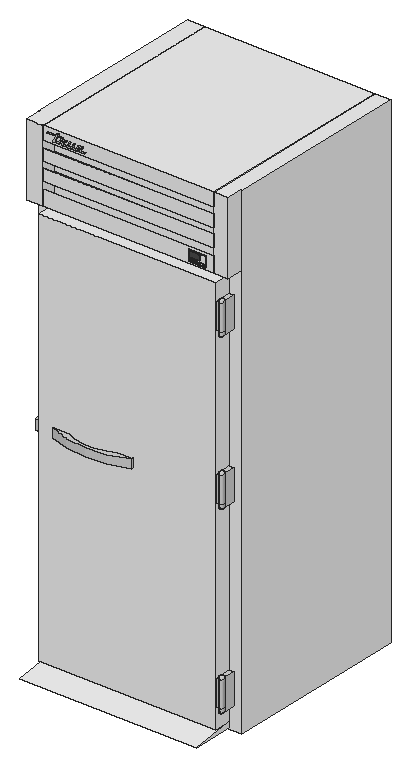
Revit family
Parameters
  Weight in Pounds = 0
  Watts = Volts * FL Amps  # 1380 W
  Volts = 115 V
  URL Cutsheet = "www.truemfg.com"
  URL = "www.truemfg.com"
  Type Mark [instance] = ""
  Type Comments = ""
  Status [instance] = ""
  Specification by User [instance] = ""
  Specification by Manufacturer = ""
  Show Logo [instance] = yes
  Show Clearance [instance] = yes
  Serial Number = ""
  Seismic Rating = ""
  SMACNA No = ""
  Revision Code [instance] = ""
  Phase = 1
  Omniclass Number and Title = ""
  Number of Poles [instance] = 1
  NAFEM Spec ID Number = ""
  Model = "STG1FRI-1S"
  Min Ckt Ampacity = 0 A
  Max Overcurrent Protection = 0 A
  Masterspec = ""
  Manufacturer = "TRUE FOOD SERVICE EQUIPMENT, INC."
  Length = 35"
  Item Number [instance] = ""
  Installed By [instance] = ""
  Identify Quantity as Lot [instance] = yes
  Height = 83 3/4"
  HP = "3/4"
  Furnished By [instance] = ""
  Foodservice Equipment Identifier [instance] = yes
  FL Amps = 12 A
  Electrical Remarks [instance] = ""
  Electric Connection Type [instance] = ""
  Elec Conn RI Height [instance] = 0"
  Elec Conn Connection Height [instance] = 0"
  Description = "Reach-in Solid Swing Door Freezer"
  Depth = 34 3/4"
  Cycle = 60 Hz
  Conn Plug = "5-15P"
  Conn Conduit = yes
  CSI MasterFormat = ""
  CSI Master Format = ""
  Apparent Power = if(Phase = 3, Volts * FL Amps * 1.73, Volts * FL Amps)  # 1380 VA
Reference planes (in)
  plane 1 "BACK": y = 0
  plane 2: z = 0
  plane 3 "LEFT": x = 0
  plane 4 "RIGHT": x = 35
  plane 5 "FRONT": y = -34.75
  plane 6 "TOP": z = 83.75
  plane 7: x = 2.84375
  plane 8: y = -34.7042
  plane 9: x = 32.15625
  plane 10: z = 69.90625
Forms (in)
  Extrusion 1, solid, material "QF_Finishes_Chrome - Satin"
    sketch origin (0.05, 0, 0) x (1, 0, 0) y (0, 1, 0)
      loop
        line (-0.05, 0) -> (-0.05, -32) -> (2.87859, -32) -> (2.87859, 0) -> (-0.05, 0)
    from 0 to 83.75
  Extrusion 2, solid, material "QF_Finishes_Chrome - Satin"
    sketch origin (50.15, 0, 0) x (1, 0, 0) y (0, 1, 0)
      loop
        line (-17.85, 0) -> (-17.85, -32) -> (-15.15, -32) -> (-15.15, 0) -> (-17.85, 0)
    from 0 to 83.75
  Extrusion 3, solid, material "QF_Finishes_Chrome - Satin"
    sketch origin (0, 0, 0) x (0, 1, 0) y (0, 0, 1)
      loop
        line (-34.7042, 71.28125) -> (-32, 71.28125) -> (-32, 0) -> (0, 0) -> (0, 83.75) -> (-34.7042, 83.75) -> (-34.7042, 81.46828) -> (-32.5, 79.90102) -> (-32.5, 78.77875) -> (-34.7042, 80.34601) -> (-34.7042, 78.2123) -> (-32.5, 76.64504) -> (-32.5, 75.68428) -> (-34.7042, 77.25154) -> (-34.7042, 75.15534) -> (-32.5, 73.58807) -> (-32.5, 72.3125) -> (-34.7042, 73.87976) -> (-34.7042, 71.28125)
    from 2.92859 to 32.3
  Extrusion 4, solid, material "QF_Finishes_Chrome - Satin"
    sketch origin (0, 0, 0) x (1, 0, 0) y (0, 1, 0)
      loop
        line (34.84782, -32) -> (32.3, -32) -> (32.3, -34.75) -> (34.84782, -34.75) -> (34.84782, -32)
    from 71.28125 to 83.75
  Extrusion 5, solid, material "QF_Finishes_Chrome - Satin"
    sketch origin (-50.125, 0, 0.25) x (1, 0, 0) y (0, 1, 0)
      loop
        line (53.05359, -32) -> (50.24109, -32) -> (50.24109, -34.75) -> (53.05359, -34.75) -> (53.05359, -32)
    from 71.03125 to 83.5
  Extrusion 6, solid, material "QF_Finishes_Chrome - Satin"
    sketch origin (-24.96875, -1, -0.71875) x (1, 0, 0) y (0, 0, 1)
      loop
        line (27.25, 1.71875) -> (57.65625, 1.71875) -> (57.65625, 70.625) -> (27.25, 70.625) -> (27.25, 1.71875)
    from 31 to 33.75
  Extrusion 7, solid, material "QF_Finishes_Handrails and Railings"
    sketch origin (58.625, -0.25, 25.43519) x (1, 0, 0) y (0, 1, 0)
      loop
        line (-53.875, -34.5) -> (-53.875, -34.7)
        arc (-53.875, -34.7) -> (-47.075, -36.14405) -> (-40.275, -34.7) r 16.7325
        line (-40.275, -34.7) -> (-40.275, -34.5) -> (-42.675, -34.5)
        arc (-42.675, -34.5) -> (-47.075, -35.65816) -> (-51.475, -34.5) r 8.93715
        line (-51.475, -34.5) -> (-53.875, -34.5)
    from 10.87731 to 12.37731
  Extrusion 8, solid, material "QF_Finishes_Handrails and Railings"
    sketch origin (-23.375, 0, -3) x (1, 0, 0) y (0, 0, 1)
      loop
        circle (26.4375, 40.0625) r 0.35
      loop
        line (26.47265, 40.33635) -> (26.41715, 40.33635) -> (26.41715, 39.76895) -> (26.47265, 39.76895) -> (26.47265, 40.33635)
    from 33.5 to 33.83066
  Extrusion 9, solid, material "QF_Finishes_Handrails and Railings", visible <- "Show Logo"
    sketch origin (0.33478, 0.06376, 5.01857) x (1, 0, 0) y (0, 0, 1)
      loop
        line (3.46044, 78.08731) -> (3.35478, 77.86073) -> (4.76027, 77.86073)
        arc (4.76027, 77.86073) -> (4.78879, 77.81028) -> (4.76027, 77.75984) r 0.05887
        line (4.76027, 77.75984) -> (4.39369, 76.97372)
        arc (4.39369, 76.97372) -> (4.39051, 76.90091) -> (4.43975, 76.84717) r 0.09523
        line (4.43975, 76.84717) -> (5.33844, 76.84717)
        arc (5.33844, 76.84717) -> (5.45192, 76.88295) -> (5.52436, 76.97735) r 0.19785
        line (5.52436, 76.97735) -> (5.81285, 77.59601) -> (6.0779, 77.59601)
        arc (6.0779, 77.59601) -> (6.14744, 77.57043) -> (6.13737, 77.49703) r 0.05911
        line (6.13737, 77.49703) -> (5.89598, 76.97937)
        arc (5.89598, 76.97937) -> (5.89974, 76.8934) -> (5.97231, 76.84717) r 0.09318
        line (5.97231, 76.84717) -> (6.76198, 76.84717)
        arc (6.76198, 76.84717) -> (6.82249, 76.86919) -> (6.85468, 76.92495) r 0.09412
        arc (6.85468, 76.92495) -> (6.87746, 76.86995) -> (6.93246, 76.84717) r 0.07778
        line (6.93246, 76.84717) -> (7.43246, 76.84717)
        arc (7.43246, 76.84717) -> (7.49022, 76.86265) -> (7.53251, 76.90493) r 0.11552
        arc (7.53251, 76.90493) -> (7.55275, 76.85606) -> (7.60162, 76.83581) r 0.06912
        line (7.60162, 76.83581) -> (8.31225, 76.83581)
        arc (8.31225, 76.83581) -> (8.37034, 76.85988) -> (8.39441, 76.91797) r 0.08216
        arc (8.39441, 76.91797) -> (8.44767, 76.86472) -> (8.52042, 76.84522) r 0.14551
        line (8.52042, 76.84522) -> (9.85158, 76.84522) -> (9.99946, 77.10134) -> (8.65678, 77.10134)
        arc (8.65678, 77.10134) -> (8.61972, 77.12704) -> (8.61834, 77.17211) r 0.05009
        line (8.61834, 77.17211) -> (8.64157, 77.22192)
        arc (8.64157, 77.22192) -> (8.67723, 77.26864) -> (8.73327, 77.28635) r 0.09747
        line (8.73327, 77.28635) -> (9.16485, 77.28635)
        arc (9.16485, 77.28635) -> (9.258, 77.31131) -> (9.32619, 77.3795) r 0.1863
        line (9.32619, 77.3795) -> (9.45119, 77.59601)
        arc (9.45119, 77.59601) -> (9.45119, 77.71157) -> (9.35111, 77.76934) r 0.11556
        line (9.35111, 77.76934) -> (8.89562, 77.76934)
        arc (8.89562, 77.76934) -> (8.7795, 77.74962) -> (8.69849, 77.66412) r 0.18605
        line (8.69849, 77.66412) -> (8.48204, 77.19993)
        arc (8.48204, 77.19993) -> (8.41815, 77.11667) -> (8.31806, 77.08511) r 0.1745
        line (8.31806, 77.08511) -> (7.84559, 77.08511)
        arc (7.84559, 77.08511) -> (7.78903, 77.14684) -> (7.79268, 77.23048) r 0.10939
        line (7.79268, 77.23048) -> (8.04395, 77.76934) -> (7.88403, 77.76934) -> (7.61781, 77.19844)
        arc (7.61781, 77.19844) -> (7.56609, 77.13103) -> (7.48505, 77.10548) r 0.14128
        line (7.48505, 77.10548) -> (7.15925, 77.10548)
        arc (7.15925, 77.10548) -> (7.10419, 77.17723) -> (7.116, 77.26689) r 0.11816
        line (7.116, 77.26689) -> (7.3503, 77.76934) -> (7.18514, 77.76934) -> (6.91546, 77.191)
        arc (6.91546, 77.191) -> (6.85285, 77.12839) -> (6.76733, 77.10548) r 0.17104
        line (6.76733, 77.10548) -> (6.29555, 77.10548)
        arc (6.29555, 77.10548) -> (6.21082, 77.14499) -> (6.20267, 77.23813) r 0.0935
        line (6.20267, 77.23813) -> (6.35774, 77.57069) -> (6.57695, 77.57069)
        arc (6.57695, 77.57069) -> (6.61395, 77.68217) -> (6.69267, 77.76934) r 0.2857
        line (6.69267, 77.76934) -> (5.83605, 77.76934)
        arc (5.83605, 77.76934) -> (5.74086, 77.74824) -> (5.67498, 77.67635) r 0.16212
        line (5.67498, 77.67635) -> (5.44279, 77.17841)
        arc (5.44279, 77.17841) -> (5.3894, 77.12502) -> (5.31647, 77.10548) r 0.14586
        line (5.31647, 77.10548) -> (4.80506, 77.10548)
        arc (4.80506, 77.10548) -> (4.76514, 77.15942) -> (4.77274, 77.22609) r 0.09155
        line (4.77274, 77.22609) -> (5.11018, 77.86073) -> (5.96155, 77.86073) -> (6.06721, 78.08731) -> (5.21584, 78.08731) -> (5.32149, 78.31388) -> (5.01862, 78.31388) -> (4.91297, 78.08731) -> (3.46044, 78.08731)
      loop
        arc (8.83805, 77.56363) -> (8.80119, 77.55375) -> (8.7742, 77.52676) r 0.07373
        line (8.7742, 77.52676) -> (8.75229, 77.45936)
        arc (8.75229, 77.45936) -> (8.76245, 77.43483) -> (8.78699, 77.42466) r 0.0347
        line (8.78699, 77.42466) -> (9.15948, 77.42466)
        arc (9.15948, 77.42466) -> (9.18632, 77.43061) -> (9.20812, 77.44734) r 0.0635
        line (9.20812, 77.44734) -> (9.22624, 77.53122)
        arc (9.22624, 77.53122) -> (9.22091, 77.55368) -> (9.20009, 77.56363) r 0.02676
        line (9.20009, 77.56363) -> (8.83805, 77.56363)
    from 34.76797 to 34.83173
  Extrusion 10, solid, material "QF_Finishes_White"
    sketch origin (-22.74812, 0.0458, -7.91247) x (1, 0, 0) y (0, 0, 1)
      loop
        line (50.81732, 81.35727) -> (50.81732, 79.60996) -> (53.72357, 79.60996) -> (53.72357, 81.35727) -> (50.81732, 81.35727)
    from 34.75 to 34.76797
  Extrusion 11, solid, material "QF_Finishes_Black"
    sketch origin (-22.74812, 0.0458, -7.91247) x (1, 0, 0) y (0, 0, 1)
      loop
        line (53.78607, 81.41977) -> (50.75482, 81.41977) -> (50.75482, 79.54746) -> (53.78607, 79.54746) -> (53.78607, 81.41977)
      loop
        spline (50.95482, 79.87872) -> (50.96333, 79.86254) -> (50.98831, 79.84747) -> (51.02804, 79.83452) -> (51.07982, 79.82459) -> (51.14011, 79.81835) -> (51.20482, 79.81622) -> (51.26952, 79.81835) -> (51.32982, 79.82459) -> (51.38159, 79.83452) -> (51.42132, 79.84747) -> (51.4463, 79.86254) -> (51.45482, 79.87872)
        spline (51.45482, 79.87872) -> (51.4463, 79.89489) -> (51.42132, 79.90997) -> (51.38159, 79.92291) -> (51.32982, 79.93284) -> (51.26952, 79.93909) -> (51.20482, 79.94122) -> (51.14011, 79.93909) -> (51.07982, 79.93284) -> (51.02804, 79.92291) -> (50.98831, 79.90997) -> (50.96333, 79.89489) -> (50.95482, 79.87872)
      loop
        spline (51.65083, 79.87872) -> (51.65935, 79.86254) -> (51.68432, 79.84747) -> (51.72405, 79.83452) -> (51.77583, 79.82459) -> (51.83612, 79.81835) -> (51.90083, 79.81622) -> (51.96553, 79.81835) -> (52.02583, 79.82459) -> (52.07761, 79.83452) -> (52.11734, 79.84747) -> (52.14231, 79.86254) -> (52.15083, 79.87872)
        spline (52.15083, 79.87872) -> (52.14231, 79.89489) -> (52.11734, 79.90997) -> (52.07761, 79.92291) -> (52.02583, 79.93284) -> (51.96553, 79.93909) -> (51.90083, 79.94122) -> (51.83612, 79.93909) -> (51.77583, 79.93284) -> (51.72405, 79.92291) -> (51.68432, 79.90997) -> (51.65935, 79.89489) -> (51.65083, 79.87872)
      loop
        spline (52.40083, 79.87872) -> (52.40935, 79.86254) -> (52.43432, 79.84747) -> (52.47405, 79.83452) -> (52.52583, 79.82459) -> (52.58612, 79.81835) -> (52.65083, 79.81622) -> (52.71553, 79.81835) -> (52.77583, 79.82459) -> (52.82761, 79.83452) -> (52.86734, 79.84747) -> (52.89231, 79.86254) -> (52.90083, 79.87872)
        spline (52.90083, 79.87872) -> (52.89231, 79.89489) -> (52.86734, 79.90997) -> (52.82761, 79.92291) -> (52.77583, 79.93284) -> (52.71553, 79.93909) -> (52.65083, 79.94122) -> (52.58612, 79.93909) -> (52.52583, 79.93284) -> (52.47405, 79.92291) -> (52.43432, 79.90997) -> (52.40935, 79.89489) -> (52.40083, 79.87872)
      loop
        line (50.95481, 81.21978) -> (50.95481, 80.21978) -> (52.65433, 80.21978) -> (52.65433, 81.21978) -> (50.95481, 81.21978)
      loop
        line (53.72357, 81.35727) -> (50.81732, 81.35727) -> (50.81732, 79.60996) -> (53.72357, 79.60996) -> (53.72357, 81.35727)
      loop
        spline (53.15083, 79.87872) -> (53.15935, 79.86254) -> (53.18432, 79.84747) -> (53.22405, 79.83452) -> (53.27583, 79.82459) -> (53.33612, 79.81835) -> (53.40083, 79.81622) -> (53.46553, 79.81835) -> (53.52583, 79.82459) -> (53.57761, 79.83452) -> (53.61734, 79.84747) -> (53.64231, 79.86254) -> (53.65083, 79.87872)
        spline (53.65083, 79.87872) -> (53.64231, 79.89489) -> (53.61734, 79.90997) -> (53.57761, 79.92291) -> (53.52583, 79.93284) -> (53.46553, 79.93909) -> (53.40083, 79.94122) -> (53.33612, 79.93909) -> (53.27583, 79.93284) -> (53.22405, 79.92291) -> (53.18432, 79.90997) -> (53.15935, 79.89489) -> (53.15083, 79.87872)
    from 34.76797 to 34.80335
  Extrusion 12, solid
    sketch origin (-25.125, 0, 0) x (1, 0, 0) y (0, 0, 1)
      loop
        circle (56.875, 81.625) r 0.25
    from 0 to 0.0625
  Blend 13, solid, material "QF_Finishes_Handrails and Railings"
    base sketch origin (27.53125, -1, -1) x (-1, 0, 0) y (0, 0, -1)
      loop
        line (25.25, -38.99169) -> (26, -38.99169) -> (26, -37.24169) -> (25.25, -37.24169) -> (25.25, -38.99169)
    top sketch origin (27.53125, 0, -1) x (-1, 0, 0) y (0, 0, -1)
      loop
        line (26.18223, -36.6441) -> (25.25, -36.6441) -> (25.25, -39.42643) -> (26.18223, -39.42643) -> (26.18223, -36.6441)
    from 33.57883 to 32
  Extrusion 14, solid, material "QF_Finishes_Handrails and Railings"
    sketch origin (33.78125, 0, 3) x (0, 1, 0) y (0, 0, -1)
      loop
        line (-32, -64.17729) -> (-32, -58.86127) -> (-34.25, -58.86127) -> (-34.25, -59.57348) -> (-33.81497, -59.57348) -> (-33.81497, -63.97276)
        arc (-33.81497, -63.97276) -> (-33.75506, -64.11738) -> (-33.61044, -64.17729) r 0.20453
        line (-33.61044, -64.17729) -> (-32, -64.17729)
    from 0.17506 to 1
  Revolve 15, solid, material "QF_Finishes_Handrails and Railings"
    sketch origin (33.28125, 0, 3) x (0, 1, 0) y (0, 0, -1)
      loop
        line (-34.26563, -59.62689) -> (-34.67229, -59.62689) -> (-34.67229, -64.0986)
        arc (-34.67229, -64.0986) -> (-34.53722, -64.35057) -> (-34.26563, -64.43983) r 0.3848
        line (-34.26563, -64.43983) -> (-34.26563, -59.62689)
      loop
        line (-34.26563, -59.57348) -> (-34.26563, -58.67281)
        arc (-34.26563, -58.67281) -> (-34.53264, -58.75883) -> (-34.67229, -59.00212) r 0.38884
        line (-34.67229, -59.00212) -> (-34.67229, -59.57348) -> (-34.26563, -59.57348)
      axis (-34.26563, -58.67281) -> (-34.26563, -64.43983)
    angle from 0 to 360
  Extrusion 16, solid, material "QF_Finishes_Handrails and Railings"
    sketch origin (27.5, -1.07734, 3.0011) x (-1, 0, 0) y (0, 0, -1)
      loop
        line (-5.58509, -64.0986) -> (-5.1875, -64.0986) -> (-5.1875, -59.62579) -> (-5.58509, -59.62579) -> (-5.58509, -64.0986)
    from 32.81497 to 33.59495
  Extrusion 17, solid, material "QF_Finishes_Handrails and Railings"
    sketch origin (33.78125, 0, -24) x (0, 1, 0) y (0, 0, -1)
      loop
        line (-32, -64.55229) -> (-32, -59.23627) -> (-34.25, -59.23627) -> (-34.25, -59.94848) -> (-33.81497, -59.94848) -> (-33.81497, -64.34776)
        arc (-33.81497, -64.34776) -> (-33.75506, -64.49238) -> (-33.61044, -64.55229) r 0.20453
        line (-33.61044, -64.55229) -> (-32, -64.55229)
    from 0.17506 to 1
  Revolve 18, solid, material "QF_Finishes_Handrails and Railings"
    sketch origin (33.28125, 0, -24) x (0, 1, 0) y (0, 0, -1)
      loop
        line (-34.26563, -60.00189) -> (-34.67229, -60.00189) -> (-34.67229, -64.4736)
        arc (-34.67229, -64.4736) -> (-34.53722, -64.72557) -> (-34.26563, -64.81483) r 0.3848
        line (-34.26563, -64.81483) -> (-34.26563, -60.00189)
      loop
        line (-34.26563, -59.94848) -> (-34.26563, -59.04781)
        arc (-34.26563, -59.04781) -> (-34.53264, -59.13383) -> (-34.67229, -59.37712) r 0.38884
        line (-34.67229, -59.37712) -> (-34.67229, -59.94848) -> (-34.26563, -59.94848)
      axis (-34.26563, -59.04781) -> (-34.26563, -64.81483)
    angle from 0 to 360
  Extrusion 19, solid, material "QF_Finishes_Handrails and Railings"
    sketch origin (27.5, -1.07734, -23.9989) x (-1, 0, 0) y (0, 0, -1)
      loop
        line (-5.58509, -64.4736) -> (-5.1875, -64.4736) -> (-5.1875, -60.00079) -> (-5.58509, -60.00079) -> (-5.58509, -64.4736)
    from 32.81497 to 33.59495
  Extrusion 20, solid, material "QF_Finishes_Handrails and Railings"
    sketch origin (33.78125, 0, -55.5) x (0, 1, 0) y (0, 0, -1)
      loop
        line (-32, -64.55229) -> (-32, -59.23627) -> (-34.25, -59.23627) -> (-34.25, -59.94848) -> (-33.81497, -59.94848) -> (-33.81497, -64.34776)
        arc (-33.81497, -64.34776) -> (-33.75506, -64.49238) -> (-33.61044, -64.55229) r 0.20453
        line (-33.61044, -64.55229) -> (-32, -64.55229)
    from 0.17506 to 1
  Revolve 21, solid, material "QF_Finishes_Handrails and Railings"
    sketch origin (33.28125, 0, -55.5) x (0, 1, 0) y (0, 0, -1)
      loop
        line (-34.26563, -60.00189) -> (-34.67229, -60.00189) -> (-34.67229, -64.4736)
        arc (-34.67229, -64.4736) -> (-34.53722, -64.72557) -> (-34.26563, -64.81483) r 0.3848
        line (-34.26563, -64.81483) -> (-34.26563, -60.00189)
      loop
        line (-34.26563, -59.94848) -> (-34.26563, -59.04781)
        arc (-34.26563, -59.04781) -> (-34.53264, -59.13383) -> (-34.67229, -59.37712) r 0.38884
        line (-34.67229, -59.37712) -> (-34.67229, -59.94848) -> (-34.26563, -59.94848)
      axis (-34.26563, -59.04781) -> (-34.26563, -64.81483)
    angle from 0 to 360
  Extrusion 22, solid, material "QF_Finishes_Handrails and Railings"
    sketch origin (27.5, -1.07734, -55.4989) x (-1, 0, 0) y (0, 0, -1)
      loop
        line (-5.58509, -64.4736) -> (-5.1875, -64.4736) -> (-5.1875, -60.00079) -> (-5.58509, -60.00079) -> (-5.58509, -64.4736)
    from 32.81497 to 33.59495
  Extrusion 23, solid, material "QF_Finishes_Door Clearance", visible <- "Show Clearance", detail levels coarse
    sketch origin (26.42841, -3.6098, 0) x (1, 0, 0) y (0, 1, 0)
      loop
        line (6.25909, -31.1402) -> (-24.14716, -31.1402)
        arc (-24.14716, -31.1402) -> (-15.24138, -52.64067) -> (6.25909, -61.54645) r 30.40625
        line (6.25909, -61.54645) -> (6.25909, -31.1402)
    from 1 to 69.90625
  Extrusion 24, solid, material "QF_Finishes_Chrome - Satin"
    sketch origin (32.6875, -1, 8.03125) x (0, 0, 1) y (0, -1, 0)
      loop
        line (-8.03125, 37.875) -> (-8.03125, 31) -> (-7.03125, 31) -> (-8.03125, 37.875)
    from 0 to -30.40625
Cuts and joins
  joined: Extrusion 1, Extrusion 2, Extrusion 4, Extrusion 5
Lines and regions (in)
  symbolic lines
    curve 1: line (0, 0, 0) -> (35, 0, 0)
    curve 2: line (0, -34.75, 0) -> (0, 0, 0)
    curve 3: line (35, -34.75, 0) -> (0, -34.75, 0)
    curve 4: line (35, 0, 0) -> (35, -34.75, 0)
    curve 5: line (35, -32.5, 0) -> (0, -32.5, 0)
    curve 6: arc (15.95746, -34.75, 0) -> (11.55746, -35.90816, 0) -> (7.15746, -34.75, 0) r 8.93715
    curve 7: arc (4.75746, -34.95, 0) -> (11.55746, -36.39405, 0) -> (18.35746, -34.95, 0) r 16.7325
    curve 8: line (4.75746, -34.75, 0) -> (4.75746, -34.95, 0)
    curve 9: line (18.35746, -34.95, 0) -> (18.35746, -34.75, 0)
  symbolic lines, style "QF-Door Swings", visible <- "Show Clearance", detail levels coarse
    curve 10: line (32.6875, -34.75, 0) -> (32.6875, -65.15625, 0)
    curve 11: arc (32.6875, -65.15625, 0) -> (11.18703, -56.25047, 0) -> (2.28125, -34.75, 0) r 30.40625
Dimensions and locks (in)
  "Depth": plane 5 "FRONT" to plane 1 "BACK"
  plane 6 "TOP" to level = 83 3/4"  (x2)
  Extrusion 6 sketch curve to Extrusion 6 sketch curve = 30 13/32"
  Extrusion 6 to plane 1 "BACK" = 34 3/4"
  "Length": plane 3 "LEFT" to plane 4 "RIGHT"
  plane 4 "RIGHT" to plane 3 "LEFT" = 35"
  plane 10 to level = 69 29/32"
  aligned and locked: level to plane 2
Automatic sketch dimensions
  Extrusion 1 sketch curve to plane 3 "LEFT" = 0"
  plane 1 "BACK" to Extrusion 1 sketch curve = 0"
  Extrusion 1 sketch curve to Extrusion 1 sketch curve = 2.92859"
  Extrusion 1 sketch curve to plane 5 "FRONT" = 2 3/4"
  plane 1 "BACK" to Extrusion 2 sketch curve = 0"
  Extrusion 2 sketch curve to plane 4 "RIGHT" = 0"
  Extrusion 2 sketch curve to plane 5 "FRONT" = 2 3/4"
  plane 5 "FRONT" to Extrusion 4 sketch curve = 0"
  Extrusion 4 sketch curve to plane 4 "RIGHT" = 0.15218"
  Extrusion 4 sketch curve to plane 5 "FRONT" = 2 3/4"
  plane 5 "FRONT" to Extrusion 5 sketch curve = 0"
  plane 3 "LEFT" to Extrusion 5 sketch curve = 0.11609"
  Extrusion 5 sketch curve to Extrusion 5 sketch curve = 2 13/16"
  Extrusion 5 sketch curve to plane 5 "FRONT" = 2 3/4"
  plane 5 "FRONT" to Extrusion 7 sketch curve = 0"  (x2)
  Extrusion 7 sketch curve to Extrusion 7 sketch curve = 2.4"  (x2)
  Extrusion 7 sketch curve to Extrusion 7 sketch curve = 4.4"
  Extrusion 7 sketch curve to Extrusion 7 sketch curve = 0"
  Extrusion 7 sketch curve to Extrusion 7 sketch curve = 0.2"
  Extrusion 7 sketch curve to plane 5 "FRONT" = 7.77899"
  Extrusion 7 sketch curve to Extrusion 7 sketch curve = 7.30945"
  Extrusion 8 sketch curve to Extrusion 8 sketch curve = 0.02035"
  Extrusion 8 sketch curve to Extrusion 8 sketch curve = 0.0555"
  Extrusion 8 sketch curve to Extrusion 8 sketch curve = 0.29355"
  Extrusion 8 sketch curve to Extrusion 8 sketch curve = 0.27385"
  plane 3 "LEFT" to Extrusion 9 sketch curve = 3.68957"
  Extrusion 9 sketch curve to Extrusion 9 sketch curve = 0.10565"  (x5)
  Extrusion 9 sketch curve to Extrusion 9 sketch curve = 1.03891"
  Extrusion 9 sketch curve to Extrusion 9 sketch curve = 0.04606"
  Extrusion 9 sketch curve to Extrusion 9 sketch curve = 0.04025"
  Extrusion 9 sketch curve to Extrusion 9 sketch curve = 0.33624"
  Extrusion 9 sketch curve to Extrusion 9 sketch curve = 0.03034"  (x2)
  Extrusion 9 sketch curve to Extrusion 9 sketch curve = 0.29274"
  Extrusion 9 sketch curve to Extrusion 9 sketch curve = 0.03232"
  Extrusion 9 sketch curve to Extrusion 9 sketch curve = 0.08083"
  Extrusion 9 sketch curve to Extrusion 9 sketch curve = 0.1527"
  Extrusion 9 sketch curve to Extrusion 9 sketch curve = 0.19721"
  Extrusion 9 sketch curve to Extrusion 9 sketch curve = 0.4629"
  Extrusion 9 sketch curve to Extrusion 9 sketch curve = 0.02197"
  Extrusion 9 sketch curve to Extrusion 9 sketch curve = 0.12632"
  Extrusion 9 sketch curve to Extrusion 9 sketch curve = 0.18591"
  Extrusion 9 sketch curve to Extrusion 9 sketch curve = 0.2322"
  Extrusion 9 sketch curve to Extrusion 9 sketch curve = 0.13786"
  Extrusion 9 sketch curve to Extrusion 9 sketch curve = 0.00907"
  Extrusion 9 sketch curve to Extrusion 9 sketch curve = 0.01413"
  Extrusion 9 sketch curve to Extrusion 9 sketch curve = 0.37162"
  Extrusion 9 sketch curve to Extrusion 9 sketch curve = 0.12551"
  Extrusion 9 sketch curve to Extrusion 9 sketch curve = 0.07633"
  Extrusion 9 sketch curve to Extrusion 9 sketch curve = 0.08445"
  Extrusion 9 sketch curve to Extrusion 9 sketch curve = 0.25598"
  Extrusion 9 sketch curve to Extrusion 9 sketch curve = 0.01887"
  Extrusion 9 sketch curve to Extrusion 9 sketch curve = 0.04061"
  Extrusion 9 sketch curve to Extrusion 9 sketch curve = 0.0653"
  Extrusion 9 sketch curve to Extrusion 9 sketch curve = 0.08474"
  Extrusion 9 sketch curve to Extrusion 9 sketch curve = 0.00815"
  Extrusion 9 sketch curve to Extrusion 9 sketch curve = 0.22037"
  Extrusion 9 sketch curve to Extrusion 9 sketch curve = 0.21921"
  Extrusion 9 sketch curve to Extrusion 9 sketch curve = 0.11572"
  Extrusion 9 sketch curve to Extrusion 9 sketch curve = 0.46643"
  Extrusion 9 sketch curve to Extrusion 9 sketch curve = 0.00535"
  Extrusion 9 sketch curve to Extrusion 9 sketch curve = 0.09269"
  Extrusion 9 sketch curve to Extrusion 9 sketch curve = 0.09348"
  Extrusion 9 sketch curve to Extrusion 9 sketch curve = 0.14812"
  Extrusion 9 sketch curve to Extrusion 9 sketch curve = 0.07778"  (x3)
  Extrusion 9 sketch curve to Extrusion 9 sketch curve = 0.20054"
  Extrusion 9 sketch curve to Extrusion 9 sketch curve = 0.04325"
  Extrusion 9 sketch curve to Extrusion 9 sketch curve = 0.32433"
  Extrusion 9 sketch curve to Extrusion 9 sketch curve = 0.10233"  (x2)
  Extrusion 9 sketch curve to Extrusion 9 sketch curve = 0.16515"
  Extrusion 9 sketch curve to Extrusion 9 sketch curve = 0.27321"
  Extrusion 9 sketch curve to Extrusion 9 sketch curve = 0.0526"
  Extrusion 9 sketch curve to Extrusion 9 sketch curve = 0.10005"
  Extrusion 9 sketch curve to Extrusion 9 sketch curve = 0.06912"
  Extrusion 9 sketch curve to Extrusion 9 sketch curve = 0.13276"
  Extrusion 9 sketch curve to Extrusion 9 sketch curve = 0.17486"
  Extrusion 9 sketch curve to Extrusion 9 sketch curve = 0.05291"
  Extrusion 9 sketch curve to Extrusion 9 sketch curve = 0.53374"
  Extrusion 9 sketch curve to Extrusion 9 sketch curve = 0.09914"  (x2)
  Extrusion 9 sketch curve to Extrusion 9 sketch curve = 0.15992"
  Extrusion 9 sketch curve to Extrusion 9 sketch curve = 0.46666"
  Extrusion 9 sketch curve to Extrusion 9 sketch curve = 0.00582"
  Extrusion 9 sketch curve to Extrusion 9 sketch curve = 0.08216"
  Extrusion 9 sketch curve to Extrusion 9 sketch curve = 0.16397"
  Extrusion 9 sketch curve to Extrusion 9 sketch curve = 0.12601"
  Extrusion 9 sketch curve to Extrusion 9 sketch curve = 0.1363"
  Extrusion 9 sketch curve to Extrusion 9 sketch curve = 0.02323"
  Extrusion 9 sketch curve to Extrusion 9 sketch curve = 0.03844"
  Extrusion 9 sketch curve to Extrusion 9 sketch curve = 0.0454"
  Extrusion 9 sketch curve to Extrusion 9 sketch curve = 0.05693"
  Extrusion 9 sketch curve to Extrusion 9 sketch curve = 0.0917"
  Extrusion 9 sketch curve to Extrusion 9 sketch curve = 0.01902"
  Extrusion 9 sketch curve to Extrusion 9 sketch curve = 0.02191"
  Extrusion 9 sketch curve to Extrusion 9 sketch curve = 0.0347"
  Extrusion 9 sketch curve to Extrusion 9 sketch curve = 0.06385"
  Extrusion 9 sketch curve to Extrusion 9 sketch curve = 0.02906"
  Extrusion 9 sketch curve to Extrusion 9 sketch curve = 0.02851"
  Extrusion 9 sketch curve to Extrusion 9 sketch curve = 0.29237"
  Extrusion 9 sketch curve to Extrusion 9 sketch curve = 0.00537"
  Extrusion 9 sketch curve to Extrusion 9 sketch curve = 0.0406"
  Extrusion 9 sketch curve to Extrusion 9 sketch curve = 0.04327"
  Extrusion 9 sketch curve to Extrusion 9 sketch curve = 0.02615"
  Extrusion 9 sketch curve to Extrusion 9 sketch curve = 0.11806"
  Extrusion 9 sketch curve to Extrusion 9 sketch curve = 0.15103"
  Extrusion 9 sketch curve to Extrusion 9 sketch curve = 0.10007"
  Extrusion 9 sketch curve to Extrusion 9 sketch curve = 0.5254"
  Extrusion 9 sketch curve to Extrusion 9 sketch curve = 0.14787"
  Extrusion 9 sketch curve to plane 6 "TOP" = 1.89562"
  Extrusion 9 sketch curve to Extrusion 9 sketch curve = 0.07275"
  Extrusion 9 sketch curve to Extrusion 9 sketch curve = 0.05776"
  Extrusion 9 sketch curve to Extrusion 9 sketch curve = 0.08631"
  Extrusion 9 sketch curve to Extrusion 9 sketch curve = 0.09282"
  Extrusion 9 sketch curve to Extrusion 9 sketch curve = 0.13018"
  Extrusion 9 sketch curve to Extrusion 9 sketch curve = 0.16714"
  Extrusion 9 sketch curve to Extrusion 9 sketch curve = 0.11061"
  Extrusion 9 sketch curve to Extrusion 9 sketch curve = 0.06046"
  Extrusion 9 sketch curve to Extrusion 9 sketch curve = 0.16548"
  Extrusion 9 sketch curve to Extrusion 9 sketch curve = 0.14279"
  Extrusion 9 sketch curve to Extrusion 9 sketch curve = 0.0496"
  Extrusion 9 sketch curve to Extrusion 9 sketch curve = 0.07293"
  Extrusion 9 sketch curve to Extrusion 9 sketch curve = 0.07764"
  Extrusion 9 sketch curve to Extrusion 9 sketch curve = 0.03794"
  Extrusion 9 sketch curve to Extrusion 9 sketch curve = 0.08552"
  Extrusion 9 sketch curve to Extrusion 9 sketch curve = 0.09296"
  Extrusion 9 sketch curve to Extrusion 9 sketch curve = 0.09314"
  Extrusion 9 sketch curve to Extrusion 9 sketch curve = 0.02781"
  Extrusion 9 sketch curve to Extrusion 9 sketch curve = 0.04981"
  Extrusion 9 sketch curve to Extrusion 9 sketch curve = 0.09315"
  Extrusion 9 sketch curve to Extrusion 9 sketch curve = 0.04799"
  Extrusion 9 sketch curve to Extrusion 9 sketch curve = 0.02531"
  Extrusion 9 sketch curve to Extrusion 9 sketch curve = 0.03054"
  Extrusion 9 sketch curve to Extrusion 9 sketch curve = 0.2589"
  Extrusion 9 sketch curve to Extrusion 9 sketch curve = 0.0674"
  Extrusion 9 sketch curve to Extrusion 9 sketch curve = 0.0324"
  Extrusion 9 sketch curve to Extrusion 9 sketch curve = 0.26185"
  Extrusion 9 sketch curve to Extrusion 9 sketch curve = 11/256"
  Extrusion 9 sketch curve to Extrusion 9 sketch curve = 0.07366"
  Extrusion 9 sketch curve to Extrusion 9 sketch curve = 0.02187"
  Extrusion 9 sketch curve to Extrusion 9 sketch curve = 0.06479"
  Extrusion 9 sketch curve to Extrusion 9 sketch curve = 0.01183"
  Extrusion 9 sketch curve to Extrusion 9 sketch curve = 0.05778"
  Extrusion 9 sketch curve to Extrusion 9 sketch curve = 0.53375"
  Extrusion 9 sketch curve to Extrusion 9 sketch curve = 0.23098"
  Extrusion 9 sketch curve to Extrusion 9 sketch curve = 0"
  Extrusion 9 sketch curve to Extrusion 9 sketch curve = 0.05045"
  Extrusion 9 sketch curve to Extrusion 9 sketch curve = 0.09139"
  Extrusion 9 sketch curve to Extrusion 9 sketch curve = 29/128"  (x3)
  Extrusion 12 sketch curve to plane 6 "TOP" = 2 1/8"
  Blend 13 sketch curve to Blend 13 sketch curve = 1 3/4"
  Blend 13 sketch curve to Blend 13 sketch curve = 2.78233"
  Extrusion 14 sketch curve to plane 5 "FRONT" = 1/2"
  Extrusion 14 sketch curve to Extrusion 14 sketch curve = 0.43503"
  Extrusion 14 sketch curve to Extrusion 14 sketch curve = 0.20453"
  Extrusion 14 sketch curve to Extrusion 14 sketch curve = 1.61044"
  Extrusion 14 sketch curve to plane 6 "TOP" = 16.57271"
  Extrusion 14 sketch curve to Extrusion 14 sketch curve = 4.39928"
  Extrusion 14 sketch curve to Extrusion 14 sketch curve = 0.71221"
  Revolve 15 sketch curve to plane 5 "FRONT" = 0.07771"  (x2)
  Revolve 15 sketch curve to Revolve 15 sketch curve = 0.38242"
  Revolve 15 sketch curve to Revolve 15 sketch curve = 0.38436"
  Revolve 15 sketch curve to plane 5 "FRONT" = 31/64"
  Revolve 15 sketch curve to Revolve 15 sketch curve = 0.40666"
  Revolve 15 sketch curve to Revolve 15 sketch curve = 0"
  Revolve 15 sketch curve to plane 6 "TOP" = 15.75492"
  Revolve 15 sketch curve to Revolve 15 sketch curve = 0.55526"
  Revolve 15 sketch curve to Revolve 15 sketch curve = 0.19474"
  Revolve 15 sketch curve to Revolve 15 sketch curve = 0.14649"
  Revolve 15 sketch curve to Revolve 15 sketch curve = 4.42889"
  Revolve 15 sketch curve to Revolve 15 sketch curve = 0.05342"
  Revolve 15 sketch curve to Revolve 15 sketch curve = 0.51246"
  Revolve 15 sketch curve to Revolve 15 sketch curve = 0.05889"
  Extrusion 16 sketch curve to Extrusion 16 sketch curve = 0.39759"
  Extrusion 16 sketch curve to plane 6 "TOP" = 16.6503"
  Extrusion 16 sketch curve to Extrusion 16 sketch curve = 4.47281"
  Extrusion 17 sketch curve to plane 5 "FRONT" = 1/2"
  Extrusion 17 sketch curve to Extrusion 17 sketch curve = 0.43503"
  Extrusion 17 sketch curve to Extrusion 17 sketch curve = 0.20453"
  Extrusion 17 sketch curve to Extrusion 17 sketch curve = 1.61044"
  Extrusion 17 sketch curve to Extrusion 17 sketch curve = 4.39928"
  Extrusion 17 sketch curve to Extrusion 17 sketch curve = 0.71221"
  Revolve 18 sketch curve to plane 5 "FRONT" = 0.07771"  (x2)
  Revolve 18 sketch curve to Revolve 18 sketch curve = 0.38242"
  Revolve 18 sketch curve to Revolve 18 sketch curve = 0.38436"
  Revolve 18 sketch curve to plane 5 "FRONT" = 31/64"
  Revolve 18 sketch curve to Revolve 18 sketch curve = 0.40666"
  Revolve 18 sketch curve to Revolve 18 sketch curve = 0"
  Revolve 18 sketch curve to Revolve 18 sketch curve = 0.55526"
  Revolve 18 sketch curve to Revolve 18 sketch curve = 0.19474"
  Revolve 18 sketch curve to Revolve 18 sketch curve = 0.14649"
  Revolve 18 sketch curve to Revolve 18 sketch curve = 4.42889"
  Revolve 18 sketch curve to Revolve 18 sketch curve = 0.05342"
  Revolve 18 sketch curve to Revolve 18 sketch curve = 0.51246"
  Revolve 18 sketch curve to Revolve 18 sketch curve = 0.05889"
  Extrusion 19 sketch curve to Extrusion 19 sketch curve = 0.39759"
  Extrusion 19 sketch curve to Extrusion 19 sketch curve = 4.47281"
  Extrusion 20 sketch curve to plane 5 "FRONT" = 1/2"
  Extrusion 20 sketch curve to Extrusion 20 sketch curve = 0.43503"
  Extrusion 20 sketch curve to Extrusion 20 sketch curve = 0.20453"
  Extrusion 20 sketch curve to Extrusion 20 sketch curve = 1.61044"
  Extrusion 20 sketch curve to Extrusion 20 sketch curve = 0.71221"
  Revolve 21 sketch curve to plane 5 "FRONT" = 0.07771"  (x2)
  Revolve 21 sketch curve to Revolve 21 sketch curve = 0.38242"
  Revolve 21 sketch curve to Revolve 21 sketch curve = 0.38436"
  Revolve 21 sketch curve to plane 5 "FRONT" = 31/64"
  Revolve 21 sketch curve to Revolve 21 sketch curve = 0.40666"
  Revolve 21 sketch curve to Revolve 21 sketch curve = 0"
  Revolve 21 sketch curve to Revolve 21 sketch curve = 0.55526"
  Revolve 21 sketch curve to Revolve 21 sketch curve = 0.19474"
  Revolve 21 sketch curve to Revolve 21 sketch curve = 0.14649"
  Revolve 21 sketch curve to Revolve 21 sketch curve = 0.05342"
  Revolve 21 sketch curve to Revolve 21 sketch curve = 0.51246"
  Revolve 21 sketch curve to Revolve 21 sketch curve = 0.05889"
  Extrusion 22 sketch curve to Extrusion 22 sketch curve = 0.39759"
  Extrusion 3 sketch curve to plane 8 = 0"  (x4)
  Extrusion 3 sketch curve to plane 6 "TOP" = 0"
  plane 8 to Extrusion 3 sketch curve = 2.2042"  (x2)
  Extrusion 3 sketch curve to Extrusion 3 sketch curve = 0"
  Extrusion 3 sketch curve to Extrusion 3 sketch curve = 1/2"
  plane 1 "BACK" to Extrusion 3 sketch curve = 0"
  Extrusion 3 sketch curve to plane 6 "TOP" = 2.28172"
  Extrusion 3 sketch curve to Extrusion 3 sketch curve = 1.12227"  (x2)
  Extrusion 3 sketch curve to Extrusion 3 sketch curve = 0.445"
  Extrusion 3 sketch curve to Extrusion 3 sketch curve = 2.13371"  (x2)
  Extrusion 3 sketch curve to Extrusion 3 sketch curve = 0.96076"  (x2)
  Extrusion 3 sketch curve to Extrusion 3 sketch curve = 2.0962"  (x2)
  Extrusion 3 sketch curve to Extrusion 3 sketch curve = 1.27557"  (x2)
  Extrusion 3 sketch curve to Extrusion 3 sketch curve = 1 1/32"
  Blend 13 sketch curve to Blend 13 sketch curve = 3/4"
  Blend 13 sketch curve to Blend 13 sketch curve = 0.93223"
  Extrusion 2 sketch curve to plane 4 "RIGHT" = 2.7"
  Extrusion 4 sketch curve to Extrusion 4 sketch curve = 2.54782"
  plane 7 to Extrusion 7 sketch curve = 1 29/32"
  plane 7 to Extrusion 8 sketch curve = 0.1984"
  Extrusion 12 sketch curve to plane 4 "RIGHT" = 3 1/4"
  Blend 13 sketch curve to plane 7 = 9/16"
  plane 7 to Blend 13 sketch curve = 9/16"
  Extrusion 16 sketch curve to plane 4 "RIGHT" = 1.91491"
  Extrusion 19 sketch curve to plane 4 "RIGHT" = 1.91491"
  Extrusion 22 sketch curve to plane 4 "RIGHT" = 1.91491"
  Extrusion 11 sketch curve to Extrusion 11 sketch curve = 1/4"  (x4)
  Extrusion 11 sketch curve to Extrusion 11 sketch curve = 0.4965"
  Extrusion 11 sketch curve to Extrusion 11 sketch curve = 0.0035"
  Extrusion 11 sketch curve to Extrusion 11 sketch curve = 1/2"
  Extrusion 11 sketch curve to Extrusion 11 sketch curve = 0.44601"
  Extrusion 11 sketch curve to Extrusion 11 sketch curve = 0"  (x3)
  Extrusion 11 sketch curve to Extrusion 11 sketch curve = 0.1375"  (x2)
  Extrusion 11 sketch curve to Extrusion 11 sketch curve = 1/16"  (x4)
  Extrusion 11 sketch curve to plane 6 "TOP" = 12.11501"
  Extrusion 11 sketch curve to Extrusion 11 sketch curve = 0.26876"  (x2)
  Extrusion 11 sketch curve to Extrusion 11 sketch curve = 0.34106"
  Extrusion 11 sketch curve to plane 6 "TOP" = 10.44269"
  Extrusion 10 sketch curve to plane 6 "TOP" = 10.30519"
  Extrusion 10 sketch curve to Extrusion 10 sketch curve = 1.74732"
  Extrusion 10 sketch curve to plane 4 "RIGHT" = 6.9308"
  Extrusion 10 sketch curve to Extrusion 10 sketch curve = 2 29/32"
  Extrusion 11 sketch curve to plane 4 "RIGHT" = 6.9933"
  Extrusion 11 sketch curve to Extrusion 11 sketch curve = 1.06923"
  Extrusion 6 sketch curve to plane 7 = 9/16"
  Extrusion 6 sketch curve to plane 6 "TOP" = 13 27/32"
  plane 1 "BACK" to curve 1 = 0"
  curve 1 to plane 3 "LEFT" = 0"
  plane 5 "FRONT" to curve 11 = 0"
  curve 3 to plane 4 "RIGHT" = 0"
  curve 11 to plane 7 = 9/16"
  plane 7 to curve 8 = 1.91371"
  curve 8 to curve 6 = 2.4"
  curve 7 to curve 6 = 0"
  curve 6 to curve 9 = 2.4"
  curve 11 to plane 4 "RIGHT" = 2 5/16"
  curve 9 to curve 9 = 0.2"
  curve 5 to plane 5 "FRONT" = 2 1/4"
  curve 6 to curve 7 = 7.30945"
  level to Extrusion 3 sketch curve = 0"
  level to Extrusion 6 sketch curve = 1"
  level to Extrusion 8 sketch curve = 36.76895"
  level to Blend 13 sketch curve = 37.99169"
  Blend 13 sketch curve to level = 35.6441"
  level to Extrusion 17 sketch curve = 40.55229"
  level to Revolve 18 sketch curve = 41.37008"
  level to Extrusion 19 sketch curve = 40.4747"
  level to Extrusion 20 sketch curve = 9.05229"
  Extrusion 20 sketch curve to Extrusion 20 sketch curve = 4.39928"
  level to Revolve 21 sketch curve = 9.87008"
  Revolve 21 sketch curve to Revolve 21 sketch curve = 4.42889"
  level to Extrusion 22 sketch curve = 8.9747"
  Extrusion 22 sketch curve to Extrusion 22 sketch curve = 4.47281"
  Extrusion 24 sketch curve to Extrusion 6 = 0"
  Extrusion 6 to Extrusion 24 sketch curve = 0"
  Extrusion 24 sketch curve to Extrusion 24 sketch curve = 1"
  Extrusion 24 sketch curve to Extrusion 6 = 4 1/8"
  Extrusion 23 sketch curve to plane 7 = 9/16"
  Extrusion 23 sketch curve to plane 9 = 17/32"
  plane 5 "FRONT" to Extrusion 23 sketch curve = 0"
  plane 7 to curve 7 = 8.71371"
  curve 6 to plane 5 "FRONT" = 7.77899"
  radius of Extrusion 8 sketch curve = 0.35"
  radius of Extrusion 12 sketch curve = 1/4"
Connectors (in)
  electrical at (31.75, -0.0625, 81.625), driven by "Volts", driven by "Watts"
    settings: on Extrusion 12, index 1, voltage 115 V, apparent load 1380 VA, apparent load phase1 0 VA, apparent load phase2 0 VA, apparent load phase3 0 VA, power factor 1, load classification "Other", number of poles 1, system type 30, power factor state 1, is connector primary yes, connector utility no, sub classification motor no, connector description "Electrical Connection"
